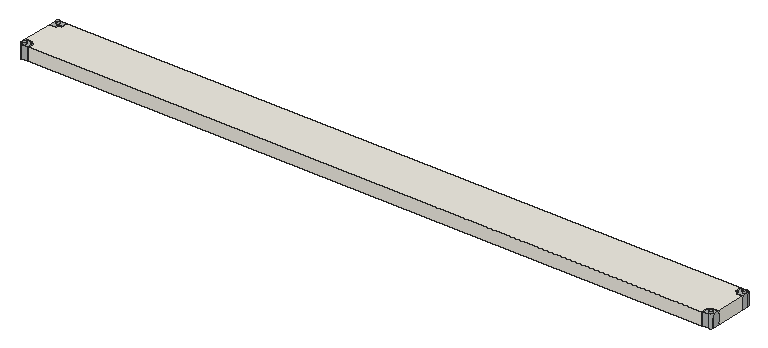
Revit family "HIGHTECH", category Осветительные приборы, Revit 2019 (continued)
Types (32, lengths in mm): name | Файл фотометрической сетки | built-in parameter 1150105 | Lumens | built-in parameter 1150106 | built-in parameter 1150142 | Wattage | Emit from Rectangle Width | Emit from Rectangle Length | Длина | Ширина | ADSK_Ток | ADSK_Полная мощность | ADSK_Обозначение | ADSK_Номинальная мощность | ADSK_Наименование | ADSK_Масса | ADSK_Код изделия
  Hightech-76/opal-sand 160х2300 (IP54, 4000К, белый) | "Светильник HIGHTECH-76 OPAL-SAND-(160x2300).IES" | 572.96 (stored number, unit not read) | 7200 lm | 5.7296 (stored number, unit not read) | "IESNA:LM-63-95\r\n[TEST] Протокол № 50-5\r\n[DATA]21.06.2016\r\n[MORE] \r\n[MANUFAC] ЗАО \"Центрстройсвет\"\r\n[LUMCAT]  Светильник HIGHTECH-76/OPAL-SAND-(160x2300)\r\n[LUMINAIRE]\r\n[LAMPCAT] Светодиоды\r\n[LAMP] Поток источника света (светодиодов) не известен\r\n[MORE] КСС приведена в абсолютных величинах кд\r\n[MORE] Вместо потока лампы, указан поток светильника.\r\nTILT=NONE\r\n1    7200 1.0 37 73 1 2 0.160 2.3 0.04\r\n1.0 1.0 76.6\r\n0.0 5.0 10.0 15.0 20.0 25.0 30.0 35.0 40.0 45.0 50.0 55.0 60.0 65.0 70.0 75.0 80.0 85.0 90.0 95.0 100.0 105.0 110.0 115.0 120.0 125.0 130.0 135.0 140.0 145.0 150.0 155.0 160.0 165.0 170.0 175.0 180.0\r\n0.0 5.0 10.0 15.0 20.0 25.0 30.0 35.0 40.0 45.0 50.0 55.0 60.0 65.0 70.0 75.0 80.0 85.0 90.0 95.0 100.0 105.0 110.0 115.0 120.0 125.0 130.0 135.0 140.0 145.0 150.0 155.0 160.0 165.0 170.0 175.0 180.0 185.0 190.0 195.0 200.0 205.0 210.0 215.0 220.0 225.0 230.0 235.0 240.0 245.0 250.0 255.0 260.0 265.0 270.0 275.0 280.0 285.0 290.0 295.0 300.0 305.0 310.0 315.0 320.0 325.0 330.0 335.0 340.0 345.0 350.0 355.0 360.0\r\n3405.6 3374.0 3369.6 3263.0 3188.3 3029.4 2777.5 2366.1 1845.1 1399.4 1065.5 805.3 609.9 450.2 323.1 240.5 163.0 73.4 7.8 0.0 0.0 0.0 0.0 0.0 0.0 0.0 0.0 0.0 0.0 0.0 0.0 0.0 0.0 0.0 0.0 0.0 0.0\r\n3405.6 3374.4 3379.9 3270.2 3198.2 3029.5 2790.9 2373.8 1854.9 1408.8 1072.8 809.5 619.4 453.6 327.0 242.6 164.9 74.0 8.4 0.0 0.0 0.0 0.0 0.0 0.0 0.0 0.0 0.0 0.0 0.0 0.0 0.0 0.0 0.0 0.0 0.0 0.0\r\n3405.6 3375.2 3384.5 3272.8 3199.0 3042.1 2776.0 2384.3 1886.5 1440.1 1094.4 832.2 628.9 457.0 331.8 247.4 169.1 74.3 8.8 0.0 0.0 0.0 0.0 0.0 0.0 0.0 0.0 0.0 0.0 0.0 0.0 0.0 0.0 0.0 0.0 0.0 0.0\r\n3405.6 3375.0 3385.9 3275.2 3180.8 3049.6 2793.5 2392.3 1915.8 1470.0 1127.9 857.8 642.3 462.7 335.0 254.7 174.5 74.9 9.2 0.0 0.0 0.0 0.0 0.0 0.0 0.0 0.0 0.0 0.0 0.0 0.0 0.0 0.0 0.0 0.0 0.0 0.0\r\n3405.6 3374.4 3376.0 3292.1 3177.6 3057.0 2812.9 2421.6 1960.5 1511.4 1168.9 901.6 665.7 470.6 339.0 258.2 176.2 78.1 9.6 0.0 0.0 0.0 0.0 0.0 0.0 0.0 0.0 0.0 0.0 0.0 0.0 0.0 0.0 0.0 0.0 0.0 0.0\r\n3405.6 3373.8 3358.9 3308.4 3174.1 3065.8 2824.7 2463.6 1997.6 1559.8 1217.5 938.4 690.8 482.6 342.3 252.9 177.1 79.1 10.0 0.0 0.0 0.0 0.0 0.0 0.0 0.0 0.0 0.0 0.0 0.0 0.0 0.0 0.0 0.0 0.0 0.0 0.0\r\n3405.6 3373.0 3345.2 3319.4 3197.2 3056.4 2836.9 2491.8 2046.7 1623.7 1269.0 987.0 723.9 501.1 345.5 251.9 178.8 81.4 10.7 0.0 0.0 0.0 0.0 0.0 0.0 0.0 0.0 0.0 0.0 0.0 0.0 0.0 0.0 0.0 0.0 0.0 0.0\r\n3405.6 3372.8 3343.6 3313.9 3208.1 3060.1 2841.4 2505.7 2088.6 1684.6 1324.2 1035.9 758.8 529.1 355.0 255.6 175.0 83.9 10.4 0.0 0.0 0.0 0.0 0.0 0.0 0.0 0.0 0.0 0.0 0.0 0.0 0.0 0.0 0.0 0.0 0.0 0.0\r\n3405.6 3375.3 3339.6 3304.4 3206.2 3085.6 2869.6 2552.3 2131.6 1731.3 1375.7 1080.9 800.2 556.1 372.5 257.7 168.0 87.1 10.7 0.0 0.0 0.0 0.0 0.0 0.0 0.0 0.0 0.0 0.0 0.0 0.0 0.0 0.0 0.0 0.0 0.0 0.0\r\n3405.6 3379.9 3338.3 3292.8 3199.2 3098.4 2883.0 2571.7 2179.2 1786.3 1435.5 1124.5 850.7 583.1 389.7 258.5 168.5 87.0 10.9 0.0 0.0 0.0 0.0 0.0 0.0 0.0 0.0 0.0 0.0 0.0 0.0 0.0 0.0 0.0 0.0 0.0 0.0\r\n3405.6 3384.6 3346.1 3286.5 3185.6 3081.2 2891.4 2590.2 2203.4 1830.5 1478.0 1169.5 878.2 609.2 406.7 266.0 166.9 86.8 10.1 0.0 0.0 0.0 0.0 0.0 0.0 0.0 0.0 0.0 0.0 0.0 0.0 0.0 0.0 0.0 0.0 0.0 0.0\r\n3405.6 3389.3 3362.5 3302.2 3211.6 3103.8 2908.8 2612.3 2251.7 1865.5 1519.4 1209.0 904.8 631.5 424.9 275.5 172.1 88.7 9.7 0.0 0.0 0.0 0.0 0.0 0.0 0.0 0.0 0.0 0.0 0.0 0.0 0.0 0.0 0.0 0.0 0.0 0.0\r\n3405.6 3394.3 3376.4 3293.5 3225.1 3102.4 2926.3 2644.9 2263.0 1896.0 1540.0 1225.2 919.2 646.4 442.6 292.2 179.1 88.4 9.9 0.0 0.0 0.0 0.0 0.0 0.0 0.0 0.0 0.0 0.0 0.0 0.0 0.0 0.0 0.0 0.0 0.0 0.0\r\n3405.6 3398.8 3384.9 3300.0 3226.2 3100.8 2928.0 2664.6 2289.0 1909.4 1550.4 1212.0 922.9 675.4 458.3 310.1 194.1 88.9 11.3 0.0 0.0 0.0 0.0 0.0 0.0 0.0 0.0 0.0 0.0 0.0 0.0 0.0 0.0 0.0 0.0 0.0 0.0\r\n3405.6 3403.8 3394.9 3300.1 3225.5 3082.0 2938.5 2679.7 2327.5 1917.2 1530.2 1177.9 905.7 682.8 470.6 323.4 215.2 95.6 9.9 0.0 0.0 0.0 0.0 0.0 0.0 0.0 0.0 0.0 0.0 0.0 0.0 0.0 0.0 0.0 0.0 0.0 0.0\r\n3405.6 3408.6 3386.4 3281.5 3213.7 3107.8 2945.4 2709.1 2357.5 1918.9 1499.2 1156.9 877.4 666.2 480.4 331.1 218.7 104.4 9.1 0.0 0.0 0.0 0.0 0.0 0.0 0.0 0.0 0.0 0.0 0.0 0.0 0.0 0.0 0.0 0.0 0.0 0.0\r\n3405.6 3410.6 3376.7 3285.0 3209.0 3098.5 2954.5 2719.8 2377.6 1921.2 1487.0 1128.4 854.9 640.0 464.7 329.7 219.2 105.6 11.0 0.0 0.0 0.0 0.0 0.0 0.0 0.0 0.0 0.0 0.0 0.0 0.0 0.0 0.0 0.0 0.0 0.0 0.0\r\n3405.6 3408.1 3366.0 3292.6 3209.8 3093.5 2949.2 2722.9 2395.0 1920.1 1488.3 1116.0 836.4 617.7 446.4 316.9 220.4 109.7 8.9 0.0 0.0 0.0 0.0 0.0 0.0 0.0 0.0 0.0 0.0 0.0 0.0 0.0 0.0 0.0 0.0 0.0 0.0\r\n3405.6 3402.7 3350.0 3304.7 3206.6 3058.9 2911.8 2690.5 2351.9 1903.0 1462.1 1104.8 832.1 611.9 438.5 311.8 216.6 107.1 8.8 0.0 0.0 0.0 0.0 0.0 0.0 0.0 0.0 0.0 0.0 0.0 0.0 0.0 0.0 0.0 0.0 0.0 0.0\r\n3405.6 3397.5 3348.8 3317.6 3208.2 3050.9 2880.6 2665.6 2330.9 1884.5 1458.1 1105.4 824.2 612.9 443.3 308.9 206.4 104.2 8.2 0.0 0.0 0.0 0.0 0.0 0.0 0.0 0.0 0.0 0.0 0.0 0.0 0.0 0.0 0.0 0.0 0.0 0.0\r\n3405.6 3393.4 3347.1 3314.7 3205.9 3062.3 2894.5 2664.4 2318.3 1892.3 1482.3 1121.5 836.2 626.4 450.4 309.2 202.6 99.9 7.6 0.0 0.0 0.0 0.0 0.0 0.0 0.0 0.0 0.0 0.0 0.0 0.0 0.0 0.0 0.0 0.0 0.0 0.0\r\n3405.6 3389.0 3353.8 3306.8 3191.0 3067.8 2890.7 2623.7 2273.8 1883.9 1482.8 1137.7 858.8 637.9 451.4 307.0 196.3 94.9 5.3 0.0 0.0 0.0 0.0 0.0 0.0 0.0 0.0 0.0 0.0 0.0 0.0 0.0 0.0 0.0 0.0 0.0 0.0\r\n3405.6 3385.8 3363.6 3284.5 3190.2 3052.2 2867.0 2603.7 2234.7 1868.2 1486.7 1153.6 873.6 630.9 431.5 292.6 192.4 88.6 3.7 0.0 0.1 0.0 0.0 0.0 0.0 0.0 0.0 0.0 0.0 0.0 0.0 0.0 0.0 0.0 0.0 0.0 0.0\r\n3405.6 3384.7 3368.2 3275.4 3191.3 3027.7 2848.8 2554.0 2194.9 1820.0 1488.1 1166.5 864.2 606.8 408.2 280.2 175.2 81.6 3.0 0.0 0.0 0.0 0.0 0.0 0.0 0.0 0.0 0.0 0.0 0.0 0.0 0.0 0.0 0.0 0.0 0.0 0.0\r\n3405.6 3384.8 3378.5 3286.4 3189.7 3022.3 2833.9 2516.5 2136.9 1793.4 1469.5 1158.8 841.3 573.2 384.8 263.2 159.9 79.3 2.3 0.0 0.0 0.0 0.0 0.0 0.0 0.0 0.0 0.0 0.0 0.0 0.0 0.0 0.0 0.0 0.0 0.0 0.0\r\n3405.6 3385.1 3380.7 3277.4 3186.3 3025.2 2795.8 2474.4 2098.7 1759.6 1435.7 1121.3 817.3 544.5 365.0 244.9 152.2 74.4 1.3 0.0 0.0 0.0 0.0 0.0 0.0 0.0 0.0 0.0 0.0 0.0 0.0 0.0 0.0 0.0 0.0 0.0 0.0\r\n3405.6 3385.7 3379.5 3270.4 3188.1 3012.0 2777.6 2434.0 2067.6 1704.2 1382.0 1070.1 786.0 522.6 351.5 231.7 152.4 65.6 0.6 0.0 0.0 0.0 0.0 0.0 0.0 0.0 0.0 0.0 0.0 0.0 0.0 0.0 0.0 0.0 0.0 0.0 0.0\r\n3405.6 3386.0 3376.9 3263.0 3160.9 3007.9 2751.4 2393.6 2021.0 1665.4 1317.2 1023.3 746.3 501.3 336.3 231.8 146.1 59.9 0.4 0.0 0.0 0.0 0.0 0.0 0.0 0.0 0.0 0.0 0.0 0.0 0.0 0.0 0.0 0.0 0.0 0.0 0.0\r\n3405.6 3384.9 3366.1 3253.7 3170.8 2993.7 2732.7 2368.9 1968.1 1602.0 1254.2 973.1 694.2 478.2 324.9 229.6 146.4 57.0 0.4 0.0 0.0 0.0 0.0 0.0 0.0 0.0 0.0 0.0 0.0 0.0 0.0 0.0 0.0 0.0 0.0 0.0 0.0\r\n3405.6 3382.6 3357.8 3257.4 3163.3 2994.3 2702.7 2336.5 1915.3 1530.9 1200.5 923.8 649.6 455.6 313.7 233.1 145.7 54.4 0.2 0.0 0.0 0.0 0.0 0.0 0.0 0.0 0.0 0.0 0.0 0.0 0.0 0.0 0.0 0.0 0.0 0.0 0.0\r\n3405.6 3380.7 3356.6 3258.4 3159.0 2982.6 2691.5 2294.1 1868.3 1466.2 1148.0 872.1 619.3 435.2 305.9 234.1 146.9 49.7 0.1 0.0 0.0 0.0 0.0 0.0 0.0 0.0 0.0 0.0 0.0 0.0 0.0 0.0 0.0 0.0 0.0 0.0 0.0\r\n3405.6 3380.2 3362.4 3257.2 3157.7 2959.7 2678.8 2269.4 1815.3 1403.1 1103.0 832.5 590.3 414.5 305.4 230.7 143.9 45.9 0.1 0.0 0.0 0.0 0.0 0.0 0.0 0.0 0.0 0.0 0.0 0.0 0.0 0.0 0.0 0.0 0.0 0.0 0.0\r\n3405.6 3380.5 3369.8 3257.8 3138.3 2951.0 2656.0 2239.6 1762.6 1363.8 1057.8 797.2 573.0 401.9 302.8 233.9 140.7 44.8 0.0 0.0 0.0 0.0 0.0 0.0 0.0 0.0 0.0 0.0 0.0 0.0 0.0 0.0 0.0 0.0 0.0 0.0 0.0\r\n3405.6 3379.5 3365.6 3260.4 3137.5 2949.1 2644.6 2207.8 1716.8 1327.0 1024.7 771.4 557.0 393.1 299.3 232.1 139.2 42.6 0.0 0.0 0.0 0.0 0.0 0.0 0.0 0.0 0.0 0.0 0.0 0.0 0.0 0.0 0.0 0.0 0.0 0.0 0.0\r\n3405.6 3376.0 3364.9 3251.5 3153.0 2948.3 2638.0 2188.2 1691.6 1292.8 994.4 750.2 551.7 390.4 295.1 229.1 137.2 41.5 0.0 0.0 0.0 0.0 0.0 0.0 0.0 0.0 0.0 0.0 0.0 0.0 0.0 0.0 0.0 0.0 0.0 0.0 0.0\r\n3405.6 3370.8 3357.6 3249.3 3149.7 2936.4 2617.0 2159.9 1666.8 1272.2 975.6 735.3 545.3 390.5 291.2 226.7 136.0 40.9 0.0 0.0 0.0 0.0 0.0 0.0 0.0 0.0 0.0 0.0 0.0 0.0 0.0 0.0 0.0 0.0 0.0 0.0 0.0\r\n3405.6 3367.3 3346.1 3241.8 3134.2 2934.5 2612.2 2158.6 1652.8 1266.3 962.9 724.9 539.6 390.2 293.3 227.8 135.2 40.4 0.0 0.0 0.0 0.0 0.0 0.0 0.0 0.0 0.0 0.0 0.0 0.0 0.0 0.0 0.0 0.0 0.0 0.0 0.0\r\n3405.6 3368.2 3337.0 3237.8 3138.6 2954.7 2622.9 2162.1 1655.6 1265.9 963.0 724.8 536.8 391.2 297.0 230.5 136.7 39.8 0.0 0.0 0.0 0.0 0.0 0.0 0.0 0.0 0.0 0.0 0.0 0.0 0.0 0.0 0.0 0.0 0.0 0.0 0.0\r\n3405.6 3372.2 3333.4 3246.8 3134.8 2934.1 2635.7 2167.6 1659.0 1285.6 977.2 727.6 536.3 392.1 302.7 235.0 140.3 39.7 0.0 0.0 0.0 0.0 0.0 0.0 0.0 0.0 0.0 0.0 0.0 0.0 0.0 0.0 0.0 0.0 0.0 0.0 0.0\r\n3405.6 3376.2 3321.9 3266.8 3125.0 2950.7 2642.3 2186.7 1691.6 1305.6 994.0 739.6 539.3 393.8 306.1 237.2 143.5 38.8 0.0 0.0 0.0 0.0 0.0 0.0 0.0 0.0 0.0 0.0 0.0 0.0 0.0 0.0 0.0 0.0 0.0 0.0 0.0\r\n3405.6 3379.4 3316.7 3264.5 3130.8 2944.5 2649.9 2215.4 1724.5 1336.3 1021.6 761.9 549.1 393.9 303.9 235.6 146.4 37.9 0.0 0.0 0.0 0.0 0.0 0.0 0.0 0.0 0.0 0.0 0.0 0.0 0.0 0.0 0.0 0.0 0.0 0.0 0.0\r\n3405.6 3383.0 3326.8 3246.1 3125.9 2947.4 2663.6 2233.9 1765.1 1371.0 1058.8 789.0 568.8 399.2 300.8 234.5 143.4 40.8 0.0 0.0 0.0 0.0 0.0 0.0 0.0 0.0 0.0 0.0 0.0 0.0 0.0 0.0 0.0 0.0 0.0 0.0 0.0\r\n3405.6 3386.5 3337.2 3241.5 3139.8 2952.5 2691.9 2271.1 1812.4 1412.5 1099.1 823.6 588.0 409.8 303.3 230.0 140.6 43.8 0.1 0.0 0.0 0.0 0.0 0.0 0.0 0.0 0.0 0.0 0.0 0.0 0.0 0.0 0.0 0.0 0.0 0.0 0.0\r\n3405.6 3388.5 3345.9 3222.1 3131.1 2960.1 2705.2 2312.9 1871.3 1466.1 1142.4 871.8 614.9 426.7 305.1 221.1 142.6 43.8 0.1 0.0 0.0 0.0 0.0 0.0 0.0 0.0 0.0 0.0 0.0 0.0 0.0 0.0 0.0 0.0 0.0 0.0 0.0\r\n3405.6 3389.0 3355.6 3233.4 3109.0 2966.0 2715.3 2353.2 1922.1 1520.6 1190.9 915.7 651.0 447.1 306.4 223.0 138.6 47.2 0.1 0.0 0.0 0.0 0.0 0.0 0.0 0.0 0.0 0.0 0.0 0.0 0.0 0.0 0.0 0.0 0.0 0.0 0.0\r\n3405.6 3389.3 3354.8 3251.9 3132.5 2965.2 2728.2 2393.1 1972.4 1582.9 1241.3 958.7 686.2 467.4 312.0 220.5 134.6 51.4 0.2 0.0 0.0 0.0 0.0 0.0 0.0 0.0 0.0 0.0 0.0 0.0 0.0 0.0 0.0 0.0 0.0 0.0 0.0\r\n3405.6 3389.4 3354.8 3266.4 3139.3 2973.1 2765.9 2430.8 2025.1 1635.6 1300.6 994.8 731.8 481.5 321.6 222.6 137.5 54.9 0.3 0.0 0.0 0.0 0.0 0.0 0.0 0.0 0.0 0.0 0.0 0.0 0.0 0.0 0.0 0.0 0.0 0.0 0.0\r\n3405.6 3388.8 3340.9 3260.4 3150.4 2987.7 2775.6 2458.4 2064.8 1696.3 1344.0 1038.6 756.8 499.3 332.2 230.0 143.6 58.5 0.4 0.0 0.0 0.0 0.0 0.0 0.0 0.0 0.0 0.0 0.0 0.0 0.0 0.0 0.0 0.0 0.0 0.0 0.0\r\n3405.6 3387.2 3322.6 3246.6 3126.8 2978.0 2792.4 2490.1 2122.6 1733.9 1378.4 1075.9 772.3 526.0 346.2 242.3 156.2 65.4 0.4 0.0 0.0 0.0 0.0 0.0 0.0 0.0 0.0 0.0 0.0 0.0 0.0 0.0 0.0 0.0 0.0 0.0 0.0\r\n3405.6 3383.9 3314.5 3234.8 3144.9 2988.4 2814.6 2529.8 2156.8 1772.6 1397.1 1083.5 790.8 540.3 368.4 260.2 167.1 74.2 0.8 0.0 0.0 0.0 0.0 0.0 0.0 0.0 0.0 0.0 0.0 0.0 0.0 0.0 0.0 0.0 0.0 0.0 0.0\r\n3405.6 3379.4 3310.9 3250.0 3156.3 3003.7 2817.4 2566.7 2194.6 1810.3 1409.3 1078.2 794.2 558.2 388.1 271.2 176.4 77.8 1.7 0.0 0.0 0.0 0.0 0.0 0.0 0.0 0.0 0.0 0.0 0.0 0.0 0.0 0.0 0.0 0.0 0.0 0.0\r\n3405.6 3375.3 3308.4 3270.0 3165.9 3011.6 2831.4 2587.5 2249.3 1834.2 1422.2 1057.9 777.0 567.9 398.1 276.8 185.1 81.8 2.2 0.0 0.0 0.0 0.0 0.0 0.0 0.0 0.0 0.0 0.0 0.0 0.0 0.0 0.0 0.0 0.0 0.0 0.0\r\n3405.6 3373.8 3313.7 3282.8 3148.7 3003.0 2850.3 2609.6 2283.3 1855.2 1420.9 1051.3 759.3 555.6 400.0 277.6 187.3 87.7 3.0 0.0 0.0 0.0 0.0 0.0 0.0 0.0 0.0 0.0 0.0 0.0 0.0 0.0 0.0 0.0 0.0 0.0 0.0\r\n3405.6 3375.3 3325.6 3277.7 3138.0 3009.7 2836.5 2602.2 2299.2 1863.9 1422.4 1034.9 741.8 546.2 395.1 275.0 184.8 89.1 3.7 0.0 0.0 0.0 0.0 0.0 0.0 0.0 0.0 0.0 0.0 0.0 0.0 0.0 0.0 0.0 0.0 0.0 0.0\r\n3405.6 3378.7 3333.0 3254.4 3140.4 3006.4 2816.0 2605.6 2308.4 1861.6 1416.4 1040.7 742.8 543.4 391.9 275.4 184.8 89.7 5.0 0.0 0.0 0.0 0.0 0.0 0.0 0.0 0.0 0.0 0.0 0.0 0.0 0.0 0.0 0.0 0.0 0.0 0.0\r\n3405.6 3381.8 3338.2 3252.6 3147.4 3018.7 2868.1 2644.9 2325.0 1884.7 1435.2 1041.6 753.1 552.0 396.6 279.4 191.2 93.5 7.2 0.0 0.0 0.0 0.0 0.0 0.0 0.0 0.0 0.0 0.0 0.0 0.0 0.0 0.0 0.0 0.0 0.0 0.0\r\n3405.6 3383.6 3341.0 3247.3 3160.9 3017.2 2875.2 2639.9 2319.2 1883.9 1448.4 1056.1 777.3 574.1 412.3 285.8 193.0 94.2 7.6 0.0 0.0 0.0 0.0 0.0 0.0 0.0 0.0 0.0 0.0 0.0 0.0 0.0 0.0 0.0 0.0 0.0 0.0\r\n3405.6 3385.6 3335.8 3252.4 3163.9 3026.7 2871.5 2623.0 2293.6 1872.2 1457.5 1078.2 800.0 592.4 417.5 285.6 189.6 89.8 8.5 0.0 0.0 0.0 0.0 0.0 0.0 0.0 0.0 0.0 0.0 0.0 0.0 0.0 0.0 0.0 0.0 0.0 0.0\r\n3405.6 3387.7 3330.1 3255.0 3151.5 3033.4 2858.5 2613.6 2262.7 1865.1 1462.5 1110.7 825.6 594.9 414.7 281.1 177.4 88.6 7.6 0.0 0.0 0.0 0.0 0.0 0.0 0.0 0.0 0.0 0.0 0.0 0.0 0.0 0.0 0.0 0.0 0.0 0.0\r\n3405.6 3388.5 3329.1 3265.5 3157.3 3037.6 2854.4 2610.4 2237.5 1847.7 1465.6 1129.5 840.9 593.9 397.0 267.4 172.4 85.2 7.3 0.0 0.0 0.0 0.0 0.0 0.0 0.0 0.0 0.0 0.0 0.0 0.0 0.0 0.0 0.0 0.0 0.0 0.0\r\n3405.6 3389.1 3323.8 3273.5 3158.4 3036.0 2845.8 2577.5 2210.5 1823.3 1444.2 1138.2 834.9 575.5 381.4 251.8 163.1 81.2 8.0 0.0 0.0 0.0 0.0 0.0 0.0 0.0 0.0 0.0 0.0 0.0 0.0 0.0 0.0 0.0 0.0 0.0 0.0\r\n3405.6 3389.2 3322.5 3281.9 3168.6 3032.2 2854.2 2564.0 2184.7 1793.3 1422.4 1119.0 826.7 559.9 366.4 247.8 153.3 78.0 7.8 0.0 0.0 0.0 0.0 0.0 0.0 0.0 0.0 0.0 0.0 0.0 0.0 0.0 0.0 0.0 0.0 0.0 0.0\r\n3405.6 3387.7 3319.8 3272.3 3157.1 3027.4 2839.9 2532.3 2158.3 1750.2 1392.4 1081.5 802.3 546.0 352.4 246.1 148.6 79.3 7.6 0.0 0.0 0.0 0.0 0.0 0.0 0.0 0.0 0.0 0.0 0.0 0.0 0.0 0.0 0.0 0.0 0.0 0.0\r\n3405.6 3384.8 3317.1 3274.3 3158.2 3032.9 2838.0 2521.5 2113.4 1696.6 1348.0 1045.7 770.8 522.2 349.8 236.5 152.8 76.4 7.8 0.0 0.0 0.0 0.0 0.0 0.0 0.0 0.0 0.0 0.0 0.0 0.0 0.0 0.0 0.0 0.0 0.0 0.0\r\n3405.6 3381.1 3321.0 3266.5 3167.4 3038.1 2831.5 2500.6 2076.3 1655.1 1303.1 1004.1 732.3 502.0 337.0 237.4 158.1 75.2 7.6 0.0 0.0 0.0 0.0 0.0 0.0 0.0 0.0 0.0 0.0 0.0 0.0 0.0 0.0 0.0 0.0 0.0 0.0\r\n3405.6 3377.7 3324.6 3277.8 3182.7 3030.1 2820.8 2478.2 2039.3 1602.2 1256.8 964.1 700.3 483.3 331.2 238.2 163.7 76.0 8.0 0.0 0.0 0.0 0.0 0.0 0.0 0.0 0.0 0.0 0.0 0.0 0.0 0.0 0.0 0.0 0.0 0.0 0.0\r\n3405.6 3375.5 3325.5 3283.5 3169.3 3022.5 2808.0 2454.8 2003.5 1553.8 1212.1 931.5 672.6 461.4 326.0 242.2 168.6 76.6 8.0 0.0 0.0 0.0 0.0 0.0 0.0 0.0 0.0 0.0 0.0 0.0 0.0 0.0 0.0 0.0 0.0 0.0 0.0\r\n3405.6 3374.9 3330.3 3288.1 3166.2 3028.8 2798.8 2423.7 1947.2 1509.3 1168.8 887.6 644.4 448.7 319.8 246.7 173.8 76.1 7.7 0.0 0.0 0.0 0.0 0.0 0.0 0.0 0.0 0.0 0.0 0.0 0.0 0.0 0.0 0.0 0.0 0.0 0.0\r\n3405.6 3375.8 3335.8 3292.2 3152.4 3030.8 2801.5 2407.5 1900.5 1466.9 1137.2 857.2 622.1 438.2 319.2 248.7 175.5 73.9 7.4 0.0 0.0 0.0 0.0 0.0 0.0 0.0 0.0 0.0 0.0 0.0 0.0 0.0 0.0 0.0 0.0 0.0 0.0\r\n3405.6 3377.0 3343.4 3285.9 3163.1 3043.0 2786.2 2383.5 1881.6 1436.0 1103.7 828.1 608.6 434.1 320.1 248.0 171.3 74.3 7.3 0.0 0.0 0.0 0.0 0.0 0.0 0.0 0.0 0.0 0.0 0.0 0.0 0.0 0.0 0.0 0.0 0.0 0.0\r\n3405.6 3376.7 3347.3 3271.5 3174.8 3037.8 2775.2 2372.1 1859.9 1414.7 1086.8 813.5 602.2 433.1 320.5 245.7 167.2 74.1 7.5 0.0 0.0 0.0 0.0 0.0 0.0 0.0 0.0 0.0 0.0 0.0 0.0 0.0 0.0 0.0 0.0 0.0 0.0\r\n3405.6 3375.1 3357.4 3255.8 3187.9 3040.3 2795.0 2366.4 1846.4 1401.0 1068.4 804.4 604.7 439.6 321.3 242.1 162.6 73.7 7.6 0.0 0.0 0.0 0.0 0.0 0.0 0.0 0.0 0.0 0.0 0.0 0.0 0.0 0.0 0.0 0.0 0.0 0.0\r\n3405.6 3374.0 3369.6 3263.0 3188.3 3029.4 2777.5 2366.1 1845.1 1399.4 1065.5 805.3 609.9 450.2 323.1 240.5 163.0 73.4 7.8 0.0 0.0 0.0 0.0 0.0 0.0 0.0 0.0 0.0 0.0 0.0 0.0 0.0 0.0 0.0 0.0 0.0 0.0\r\n" | 48.4712 W | 120 | 2260 | 2300 | 160 | 0.359168 A | 82.6087 VA | "Hightech-76/opal-sand 160х2300 (IP54, 4000К, белый)" | 76 W | "Универсальный
     светодиодный светильник Hightech-76/opal-sand 160х2300 (IP54, 4000К, белый)" | 2.9 | "ЦБ000007745"
